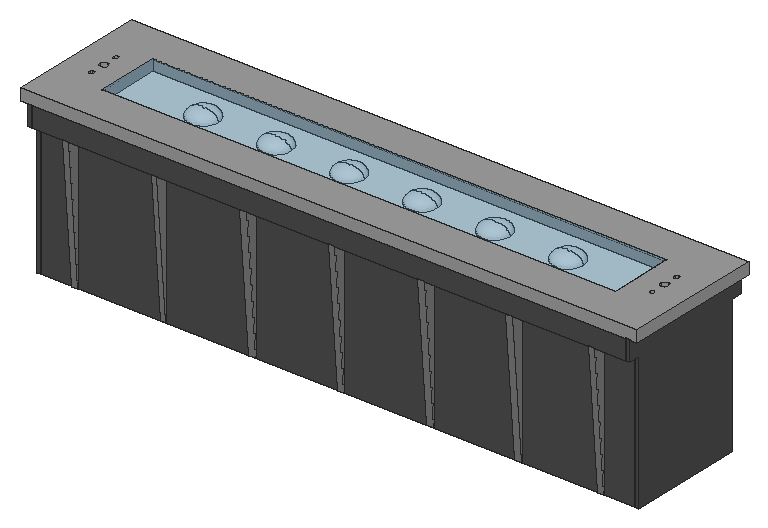
Revit family "POOL LINEAL 18W SIMETRICA_U2418W.1.30", category Luminarias, Revit 2019
Family settings
  Cota de conector redondo = Diámetro de uso
  Tipo de pieza = Normal
  Se basa en plano de trabajo = Sí
  Siempre vertical = No
  Corte con vacíos al cargar = No
  Origen de luz = Sí
  Compartido = No
  Punto de cálculo de habitación = No
Parameters (values of type "SUB_U2418W.1.30")
  Ángulo de inclinación = 60.00°
  Zone [instance] = ""
  Watt per fixture = 22.8
  Wattage = 22.8 W
  built-in parameter 1150107 = 3000 (stored number, unit not read)
  built-in parameter 1150110 = 1 (stored number, unit not read)
  built-in parameter 1150109 = 1 (stored number, unit not read)
  built-in parameter 1150112 = 1 (stored number, unit not read)
  built-in parameter 1150113 = 1 (stored number, unit not read)
  built-in parameter 1114218 = 1 (stored number, unit not read)
  Keynote = ""
  built-in parameter 1150137 = (empty or 0)
  built-in parameter 1150132 = (empty or 0)
  Modelo = "U2418W.1.30"
  Lámpara = "NICHIA"
  built-in parameter 1150105 = 87.688 (stored number, unit not read)
  built-in parameter 1150102 = (empty or 0)
  built-in parameter 1150106 = 0.87688 (stored number, unit not read)
  Lumens = 1101.92 lm
  Color Filter = 16777215
  built-in parameter 1114217 = 1 (stored number, unit not read)
  built-in parameter 1150139 = (empty or 0)
  Fabricante = "BRILLANT"
  Default Elevation = 0 mm
  built-in parameter 1150104 = 4.49 (stored number, unit not read)
  Descripción = "LUMINARIA SUB ACUATICA TIPO LINEAL OPTICA SIMETRICA, ACABADO EN ACERO INOXIDABLE, SELLO EN SILICON Y CUPERO MOLDEADO EN CROMO MIDIENDO 355MM DE LARGO POR 90MM CONSIDERANDO EL HOUSING, 6 LED TIPO NICHIA CON UN CONSUMO TOTAL DE 22.8W, 1102 LUMENES,  CON UNA TEMPERATURA EN BLANCO CALIDO DE 3000K, IP 68, IRC 80, IK 10, SUMERGIBLE MAXIMO 2M, CABLE H05RN DE 3M, APERTURA EN STOCK A 30 GRADOS, ALIMENTADA A 24V. REQUIERE ACCESORIOS."
  built-in parameter 1150115 = 1 (stored number, unit not read)
  built-in parameter 1150114 = 1 (stored number, unit not read)
  Comentarios de vataje = "24V"
  built-in parameter 1150138 = (empty or 0)
  built-in parameter 1150134 = (empty or 0)
  Circuit [instance] = ""
  Dimming Lamp Color Temperature Shift = (empty or 0)
  Archivo de red fotométrica = "U2418SW.1.IES"
  built-in parameter 1150133 = 10 (stored number, unit not read)
Reference planes
  plane 1 "Centro (Frontal/Posterior)": y = 0
  plane 2: z = 10
  plane 3 "Centro (Izquierda/Derecha)": x = 0
  plane 4: x = -177.5
  plane 5: x = 177.5
  plane 6: z = 100
  plane 7: y = 40
  plane 8: y = -40
  plane 9: y = 28.5
  plane 10: y = -28.5
  plane 11: x = 158
  plane 12: y = 23.5
  plane 13: y = -23.5
  plane 14: x = -153
  plane 15: x = 153
  plane 16: x = -30
  plane 17: x = 30
  plane 18: x = 33
  plane 19: x = -33
  plane 20: y = 60
  plane 21: y = -60
  plane 22: x = 27
  plane 23: x = -27
  plane 24: x = -102
  plane 25: x = -51
  plane 26: x = 0
  plane 27: x = 51
  plane 28: x = 102
  plane 29: x = 153
  plane 30: x = -148
  plane 31: y = 18.5
  plane 32: y = -18.5
  plane 33: x = 148
  plane 34: x = 105.714
  plane 35: z = 60
  plane 36: y = 34
  plane 37: y = -34
  plane 38: x = 171
  plane 39: x = -171
Forms (mm)
  Extrusion 1, solid, material "Aluminio"
    sketch origin (0, 0, 10) x (1, 0, 0) y (0, 1, 0)
      loop
        line (-177.5, 40) -> (-177.5, -40) -> (177.5, -40) -> (177.5, 40) -> (-177.5, 40)
      loop
        line (-148, 18.5) -> (-148, -18.5) -> (148, -18.5) -> (148, 18.5) -> (-148, 18.5)
    from 90 to 96.429
  Extrusion 2, solid
    sketch origin (0, 30, 10) x (1, 0, 0) y (0, 1, 0)
      loop
        line (-158, -1.5) -> (-158, -58.5) -> (158, -58.5) -> (158, -1.5) -> (-158, -1.5)
    from 50 to 90
  Extrusion 3, solid, material "Cristal"
    sketch origin (0, 0, 10) x (1, 0, 0) y (0, 1, 0)
      loop
        line (-148, 18.5) -> (-148, -18.5) -> (148, -18.5) -> (148, 18.5) -> (-148, 18.5)
    from 96.429 to 95.596
  Revolve 4, solid
    sketch origin (0, 0, 7.872) x (1, 0, 0) y (0, 0, 1)
      loop
        line (105.714, 97.128) -> (105.714, 92.128) -> (114.371, 92.128)
        spline (114.371, 92.128) -> (114.297, 92.781) -> (114.076, 93.422) -> (113.712, 94.042) -> (113.211, 94.628) -> (112.582, 95.172) -> (111.835, 95.664) -> (110.984, 96.095) -> (110.043, 96.458) -> (109.027, 96.748) -> (107.955, 96.958) -> (106.844, 97.085) -> (105.714, 97.128)
      axis (105.714, 92.128) -> (105.714, 97.128)
    angle from 0 to 360
  Revolve 5, solid
    sketch origin (-42, 0, 7.872) x (1, 0, 0) y (0, 0, 1)
      loop
        line (105.714, 97.128) -> (105.714, 92.128) -> (114.371, 92.128)
        spline (114.371, 92.128) -> (114.297, 92.781) -> (114.076, 93.422) -> (113.712, 94.042) -> (113.211, 94.628) -> (112.582, 95.172) -> (111.835, 95.664) -> (110.984, 96.095) -> (110.043, 96.458) -> (109.027, 96.748) -> (107.955, 96.958) -> (106.844, 97.085) -> (105.714, 97.128)
      axis (105.714, 92.128) -> (105.714, 97.128)
    angle from 0 to 360
  Revolve 6, solid
    sketch origin (-84, 0, 7.872) x (1, 0, 0) y (0, 0, 1)
      loop
        line (105.714, 97.128) -> (105.714, 92.128) -> (114.371, 92.128)
        spline (114.371, 92.128) -> (114.297, 92.781) -> (114.076, 93.422) -> (113.712, 94.042) -> (113.211, 94.628) -> (112.582, 95.172) -> (111.835, 95.664) -> (110.984, 96.095) -> (110.043, 96.458) -> (109.027, 96.748) -> (107.955, 96.958) -> (106.844, 97.085) -> (105.714, 97.128)
      axis (105.714, 92.128) -> (105.714, 97.128)
    angle from 0 to 360
  Revolve 7, solid
    sketch origin (-126, 0, 7.872) x (1, 0, 0) y (0, 0, 1)
      loop
        line (105.714, 97.128) -> (105.714, 92.128) -> (114.371, 92.128)
        spline (114.371, 92.128) -> (114.297, 92.781) -> (114.076, 93.422) -> (113.712, 94.042) -> (113.211, 94.628) -> (112.582, 95.172) -> (111.835, 95.664) -> (110.984, 96.095) -> (110.043, 96.458) -> (109.027, 96.748) -> (107.955, 96.958) -> (106.844, 97.085) -> (105.714, 97.128)
      axis (105.714, 92.128) -> (105.714, 97.128)
    angle from 0 to 360
  Revolve 8, solid
    sketch origin (-168, 0, 7.872) x (1, 0, 0) y (0, 0, 1)
      loop
        line (105.714, 97.128) -> (105.714, 92.128) -> (114.371, 92.128)
        spline (114.371, 92.128) -> (114.297, 92.781) -> (114.076, 93.422) -> (113.712, 94.042) -> (113.211, 94.628) -> (112.582, 95.172) -> (111.835, 95.664) -> (110.984, 96.095) -> (110.043, 96.458) -> (109.027, 96.748) -> (107.955, 96.958) -> (106.844, 97.085) -> (105.714, 97.128)
      axis (105.714, 92.128) -> (105.714, 97.128)
    angle from 0 to 360
  Revolve 9, solid
    sketch origin (-210, 0, 7.872) x (1, 0, 0) y (0, 0, 1)
      loop
        line (105.714, 97.128) -> (105.714, 92.128) -> (114.371, 92.128)
        spline (114.371, 92.128) -> (114.297, 92.781) -> (114.076, 93.422) -> (113.712, 94.042) -> (113.211, 94.628) -> (112.582, 95.172) -> (111.835, 95.664) -> (110.984, 96.095) -> (110.043, 96.458) -> (109.027, 96.748) -> (107.955, 96.958) -> (106.844, 97.085) -> (105.714, 97.128)
      axis (105.714, 92.128) -> (105.714, 97.128)
    angle from 0 to 360
  Extrusion 10, solid
    sketch origin (-2.489, 0, 10) x (1, 0, 0) y (0, 1, 0)
      loop
        circle (-102, 0) r 7.477
    from 44.739 to 50
  Extrusion 11, solid
    sketch origin (-2.489, 0, 10) x (1, 0, 0) y (0, 1, 0)
      loop
        line (-102, 7.477) -> (-108.476, 3.739) -> (-108.476, -3.739) -> (-102, -7.477) -> (-95.524, -3.739) -> (-95.524, 3.739) -> (-102, 7.477)
    from 39.626 to 44.739
  Extrusion 12, solid
    sketch origin (-2.489, 0, 10) x (1, 0, 0) y (0, 1, 0)
      loop
        circle (-102, 0) r 6.476
    from 29.65 to 39.626
  Extrusion 13, solid, material "Default Wall"
    sketch origin (0, 0, 4.156) x (0, 1, 0) y (0, 0, 1)
      loop
        line (-40, 84.128) -> (-33.5, 5.844) -> (-33.5, 84.128) -> (-40, 84.128)
      loop
        line (40, 84.128) -> (33.5, 84.128) -> (33.5, 5.844) -> (40, 84.128)
    from -153 to -149.64
  Extrusion 14, solid, material "Default Wall"
    sketch origin (0, 0, 4.156) x (0, 1, 0) y (0, 0, 1)
      loop
        line (-33.5, 84.128) -> (-40, 84.128) -> (-33.5, 5.844) -> (-33.5, 84.128)
      loop
        line (40, 84.128) -> (33.5, 84.128) -> (33.5, 5.844) -> (40, 84.128)
    from 102 to 106.134
  Extrusion 15, solid, material "Default Wall"
    sketch origin (0, 0, 4.156) x (0, 1, 0) y (0, 0, 1)
      loop
        line (-33.5, 84.128) -> (-40, 84.128) -> (-33.5, 5.844) -> (-33.5, 84.128)
      loop
        line (40, 84.128) -> (33.5, 84.128) -> (33.5, 5.844) -> (40, 84.128)
    from 51 to 55.205
  Extrusion 16, solid, material "Default Wall"
    sketch origin (0, 0, 4.156) x (0, 1, 0) y (0, 0, 1)
      loop
        line (-33.5, 84.128) -> (-40, 84.128) -> (-33.5, 5.844) -> (-33.5, 84.128)
      loop
        line (40, 84.128) -> (33.5, 84.128) -> (33.5, 5.844) -> (40, 84.128)
    from 0 to 3.249
  Extrusion 17, solid, material "Default Wall"
    sketch origin (0, 0, 4.156) x (0, 1, 0) y (0, 0, 1)
      loop
        line (-33.5, 84.128) -> (-40, 84.128) -> (-33.5, 5.844) -> (-33.5, 84.128)
      loop
        line (40, 84.128) -> (33.5, 84.128) -> (33.5, 5.844) -> (40, 84.128)
    from -51 to -47.362
  Extrusion 18, solid, material "Default Wall"
    sketch origin (0, 0, 4.156) x (0, 1, 0) y (0, 0, 1)
      loop
        line (-33.5, 84.128) -> (-40, 84.128) -> (-33.5, 5.844) -> (-33.5, 84.128)
      loop
        line (40, 84.128) -> (33.5, 84.128) -> (33.5, 5.844) -> (40, 84.128)
    from -102 to -98.888
  Extrusion 19, solid, material "Default Wall"
    sketch origin (0, 0, 4.156) x (0, 1, 0) y (0, 0, 1)
      loop
        line (-33.5, 84.128) -> (-40, 84.128) -> (-33.5, 5.844) -> (-33.5, 84.128)
      loop
        line (40, 84.128) -> (33.5, 84.128) -> (33.5, 5.844) -> (40, 84.128)
    from 149.634 to 153
  Extrusion 20, solid, material "Plastico"
    sketch origin (0, 0, 0) x (0, 1, 0) y (0, 0, 1)
      loop
        line (40, 100) -> (35, 100) -> (35, 93.285) -> (28.5, 93.285) -> (28.5, 15) -> (-28.5, 15) -> (-28.5, 93.285) -> (-35, 93.285) -> (-35, 100) -> (-40, 100) -> (-40, 88.285) -> (-33.5, 88.285) -> (-33.5, 10) -> (33.5, 10) -> (33.5, 88.285) -> (40, 88.285) -> (40, 100)
    from -171 to 171
  Extrusion 21, solid, material "Plastico"
    sketch origin (0, 0, 0) x (0, 1, 0) y (0, 0, 1)
      loop
        line (40, 100) -> (-40, 100) -> (-40, 88.285) -> (-33.5, 88.285) -> (-33.5, 10) -> (33.5, 10) -> (33.5, 88.285) -> (40, 88.285) -> (40, 100)
    from 171 to 173.269
  Extrusion 22, solid, material "Plastico"
    sketch origin (0, 0, 0) x (0, 1, 0) y (0, 0, -1)
      loop
        line (40, -100) -> (40, -88.285) -> (33.5, -88.285) -> (33.5, -10) -> (-33.5, -10) -> (-33.5, -88.285) -> (-40, -88.285) -> (-40, -100) -> (40, -100)
    from 171 to 173.269
  Extrusion 23, void
    sketch origin (0, 0, 10) x (1, 0, 0) y (0, 1, 0)
      loop
        circle (161.268, 0) r 2.268
      loop
        circle (161.268, 8.763) r 1.343
      loop
        circle (161.268, -8.763) r 1.343
      loop
        circle (-161.268, 0) r 2.268
      loop
        circle (-161.268, 8.763) r 1.343
      loop
        circle (-161.268, -8.763) r 1.343
    from 90 to 96.429
Cuts and joins
  Extrusion 23 cuts Extrusion 20
  Extrusion 23 cuts Extrusion 1
Dimensions and locks
  equal spacing: plane 4, plane 3 "Centro (Izquierda/Derecha)", plane 5
  plane 4 to plane 5 = 355 mm  (x2)
  plane 4 to plane 3 "Centro (Izquierda/Derecha)" = 177.5 mm
  plane 6 to plane 2 = 90 mm
  plane 7 to plane 1 "Centro (Frontal/Posterior)" = 40 mm
  equal spacing: plane 7, plane 1 "Centro (Frontal/Posterior)", plane 8
  plane 7 to plane 8 = 80 mm
  plane 7 to plane 9 = 11.5 mm
  plane 10 to plane 8 = 11.5 mm
  plane 11 to plane 5 = 19.5 mm
  plane 6 to level = 90 mm
  plane 9 to plane 12 = 5 mm
  plane 13 to plane 10 = 5 mm
  plane 15 to plane 11 = 5 mm
  plane 16 to plane 3 "Centro (Izquierda/Derecha)" = 30 mm
  plane 19 to plane 16 = 3 mm
  plane 3 "Centro (Izquierda/Derecha)" to plane 17 = 30 mm
  plane 17 to plane 18 = 3 mm
  equal spacing: plane 20, plane 1 "Centro (Frontal/Posterior)", plane 21
  plane 1 "Centro (Frontal/Posterior)" to plane 20 = 60 mm
  plane 20 to plane 21 = 120 mm
  plane 16 to plane 23 = 3 mm
  plane 22 to plane 17 = 3 mm
  plane 29 to plane 28 to plane 27 to plane 26 to plane 25 to plane 24 to plane 14 = 51 mm, 51 mm, 51 mm, 51 mm, 51 mm, 51 mm
  Extrusion 1 to plane 30 = 29.5 mm
  Extrusion 1 to plane 32 = 21.5 mm
  Extrusion 1 to plane 31 = 21.5 mm
  plane 33 to Extrusion 1 = 29.5 mm
  plane 33 to plane 30 = 296 mm
  plane 33 to plane 34 = 42.286 mm
  plane 5 to plane 4 = 355 mm
  equal spacing: plane 5, plane 26, plane 4
  plane 26 to plane 4 = 177.5 mm
  plane 1 "Centro (Frontal/Posterior)" to plane 7 = 40 mm
  equal spacing: plane 8, plane 1 "Centro (Frontal/Posterior)", plane 7
  plane 8 to plane 7 = 80 mm
  plane 6 to plane 35 = 40 mm
  equal spacing: plane 36, plane 1 "Centro (Frontal/Posterior)", plane 37
  plane 36 to plane 1 "Centro (Frontal/Posterior)" = 34 mm
  plane 36 to plane 37 = 68 mm
  plane 39 to plane 3 "Centro (Izquierda/Derecha)" = 171 mm
  equal spacing: plane 39, plane 3 "Centro (Izquierda/Derecha)", plane 38
  plane 39 to plane 38 = 342 mm
  aligned and locked: level to plane 2
  aligned and locked: Extrusion 2 to plane 9
  aligned and locked: plane 10 to Extrusion 2
  aligned and locked: plane 11 to Extrusion 2
  aligned and locked: Extrusion 1 sketch curve to plane 33
  aligned and locked: Extrusion 1 sketch curve to Extrusion 3  (x2)
  aligned and locked: plane 30 to Extrusion 1 sketch curve
  aligned and locked: Extrusion 1 to Extrusion 3
  aligned and locked: Extrusion 2 to plane 35
  aligned and locked: Extrusion 10 to Extrusion 2
  aligned and locked: plane 38 to Extrusion 20
  aligned and locked: Extrusion 20 to plane 39
  aligned and locked: Extrusion 1 to plane 4
  aligned and locked: plane 5 to Extrusion 1
  aligned and locked: Extrusion 1 to Extrusion 23
Automatic sketch dimensions
  Extrusion 1 sketch curve to plane 4 = 0 mm
  Extrusion 1 sketch curve to plane 5 = 0 mm
  plane 8 to Extrusion 1 sketch curve = 0 mm
  plane 7 to Extrusion 1 sketch curve = 0 mm
  plane 10 to Extrusion 2 sketch curve = 0 mm
  plane 9 to Extrusion 2 sketch curve = 0 mm
  Extrusion 2 sketch curve to plane 11 = 0 mm
  Extrusion 2 sketch curve to plane 14 = 5 mm
  Extrusion 3 sketch curve to plane 30 = 0 mm
  plane 32 to Extrusion 3 sketch curve = 0 mm
  Extrusion 3 sketch curve to plane 33 = 0 mm
  Extrusion 3 sketch curve to plane 31 = 0 mm
  Revolve 4 sketch curve to plane 6 = 0 mm  (x2)
  Revolve 4 sketch curve to plane 34 = 0 mm  (x2)
  Revolve 4 sketch curve to Revolve 4 sketch curve = 5 mm
  Revolve 4 sketch curve to plane 28 = 4.942 mm
  Revolve 4 sketch curve to Revolve 4 sketch curve = 0 mm
  Revolve 4 sketch curve to Revolve 4 sketch curve = 16.888 mm
  Revolve 5 sketch curve to plane 6 = 0 mm  (x2)
  plane 6 to Revolve 5 sketch curve = 5 mm
  plane 27 to Revolve 5 sketch curve = 12.714 mm
  Revolve 5 sketch curve to Revolve 5 sketch curve = 0 mm  (x2)
  plane 27 to Revolve 5 sketch curve = 4.058 mm
  Revolve 5 sketch curve to Revolve 5 sketch curve = 16.888 mm
  Revolve 6 sketch curve to plane 6 = 0 mm  (x2)
  Revolve 6 sketch curve to plane 22 = 5.286 mm
  plane 6 to Revolve 6 sketch curve = 5 mm
  Revolve 6 sketch curve to Revolve 6 sketch curve = 0 mm  (x2)
  Revolve 6 sketch curve to Revolve 6 sketch curve = 8.657 mm
  Revolve 6 sketch curve to Revolve 6 sketch curve = 16.888 mm
  Revolve 7 sketch curve to plane 6 = 0 mm  (x2)
  plane 23 to Revolve 7 sketch curve = 6.714 mm
  plane 6 to Revolve 7 sketch curve = 5 mm
  Revolve 7 sketch curve to Revolve 7 sketch curve = 0 mm  (x2)
  plane 16 to Revolve 7 sketch curve = 1.058 mm
  Revolve 7 sketch curve to Revolve 7 sketch curve = 16.888 mm
  Revolve 8 sketch curve to plane 6 = 0 mm  (x2)
  plane 6 to Revolve 8 sketch curve = 5 mm
  Revolve 8 sketch curve to plane 25 = 11.286 mm
  Revolve 8 sketch curve to Revolve 8 sketch curve = 0 mm  (x2)
  Revolve 8 sketch curve to Revolve 8 sketch curve = 8.657 mm
  Revolve 8 sketch curve to Revolve 8 sketch curve = 16.888 mm
  Revolve 9 sketch curve to plane 6 = 0 mm  (x2)
  Revolve 9 sketch curve to plane 24 = 2.286 mm
  plane 6 to Revolve 9 sketch curve = 5 mm
  Revolve 9 sketch curve to Revolve 9 sketch curve = 0 mm  (x2)
  Revolve 9 sketch curve to Revolve 9 sketch curve = 8.657 mm
  Revolve 9 sketch curve to Revolve 9 sketch curve = 16.888 mm
  plane 1 "Centro (Frontal/Posterior)" to Extrusion 10 sketch curve = 0 mm
  Extrusion 10 sketch curve to plane 24 = 2.489 mm
  plane 1 "Centro (Frontal/Posterior)" to Extrusion 12 sketch curve = 0 mm
  Extrusion 12 sketch curve to plane 24 = 2.489 mm
  Extrusion 20 sketch curve to plane 8 = 0 mm
  Extrusion 20 sketch curve to plane 6 = 0 mm  (x2)
  Extrusion 20 sketch curve to level = 0 mm
  Extrusion 20 sketch curve to plane 10 = 0 mm
  Extrusion 20 sketch curve to plane 9 = 0 mm
  Extrusion 20 sketch curve to plane 7 = 0 mm
  plane 37 to Extrusion 20 sketch curve = 1 mm
  Extrusion 20 sketch curve to plane 37 = 0.5 mm
  plane 36 to Extrusion 20 sketch curve = 0.5 mm
  Extrusion 20 sketch curve to plane 36 = 1 mm
  level to Extrusion 20 sketch curve = 5 mm
  Extrusion 20 sketch curve to plane 6 = 11.715 mm
  Extrusion 20 sketch curve to Extrusion 20 sketch curve = 11.715 mm
  Extrusion 20 sketch curve to plane 6 = 6.715 mm  (x2)
  Extrusion 21 sketch curve to plane 6 = 0 mm
  Extrusion 21 sketch curve to plane 8 = 0 mm
  Extrusion 21 sketch curve to level = 0 mm
  Extrusion 21 sketch curve to plane 7 = 0 mm
  Extrusion 21 sketch curve to plane 37 = 0.5 mm
  plane 36 to Extrusion 21 sketch curve = 0.5 mm
  Extrusion 21 sketch curve to plane 6 = 11.715 mm  (x2)
  Extrusion 22 sketch curve to plane 6 = 0 mm
  Extrusion 22 sketch curve to plane 8 = 0 mm
  Extrusion 22 sketch curve to level = 0 mm
  Extrusion 22 sketch curve to plane 7 = 0 mm
  Extrusion 22 sketch curve to plane 37 = 0.5 mm
  plane 36 to Extrusion 22 sketch curve = 0.5 mm
  Extrusion 22 sketch curve to plane 6 = 11.715 mm  (x2)
  Extrusion 13 sketch curve to plane 8 = 0 mm
  Extrusion 13 sketch curve to level = 0 mm  (x2)
  Extrusion 13 sketch curve to plane 7 = 0 mm
  Extrusion 13 sketch curve to plane 37 = 0.5 mm
  plane 36 to Extrusion 13 sketch curve = 0.5 mm
  Extrusion 13 sketch curve to plane 6 = 11.715 mm  (x2)
  Extrusion 18 sketch curve to plane 8 = 0 mm
  Extrusion 18 sketch curve to level = 0 mm  (x2)
  Extrusion 18 sketch curve to plane 7 = 0 mm
  Extrusion 18 sketch curve to plane 37 = 0.5 mm
  plane 36 to Extrusion 18 sketch curve = 0.5 mm
  Extrusion 18 sketch curve to plane 6 = 11.715 mm  (x2)
  Extrusion 17 sketch curve to plane 32 = 21.5 mm
  plane 1 "Centro (Frontal/Posterior)" to Extrusion 17 sketch curve = 33.5 mm
  Extrusion 17 sketch curve to plane 20 = 26.5 mm
  Extrusion 17 sketch curve to Extrusion 17 sketch curve = 6.5 mm
  Extrusion 17 sketch curve to plane 35 = 50 mm  (x2)
  Extrusion 17 sketch curve to plane 6 = 11.715 mm  (x2)
  Extrusion 16 sketch curve to level = 0 mm  (x2)
  plane 7 to Extrusion 16 sketch curve = 6.5 mm
  plane 10 to Extrusion 16 sketch curve = 5 mm
  plane 37 to Extrusion 16 sketch curve = 6 mm
  Extrusion 16 sketch curve to plane 7 = 0 mm
  Extrusion 16 sketch curve to plane 6 = 11.715 mm  (x2)
  Extrusion 15 sketch curve to level = 0 mm  (x2)
  plane 7 to Extrusion 15 sketch curve = 6.5 mm
  plane 10 to Extrusion 15 sketch curve = 5 mm
  plane 37 to Extrusion 15 sketch curve = 6 mm
  Extrusion 15 sketch curve to plane 7 = 0 mm
  Extrusion 15 sketch curve to plane 6 = 11.715 mm  (x2)
  Extrusion 14 sketch curve to level = 0 mm  (x2)
  plane 7 to Extrusion 14 sketch curve = 6.5 mm
  plane 10 to Extrusion 14 sketch curve = 5 mm
  plane 37 to Extrusion 14 sketch curve = 6 mm
  Extrusion 14 sketch curve to plane 7 = 0 mm
  Extrusion 14 sketch curve to plane 6 = 11.715 mm  (x2)
  Extrusion 19 sketch curve to level = 0 mm  (x2)
  plane 7 to Extrusion 19 sketch curve = 6.5 mm
  plane 10 to Extrusion 19 sketch curve = 5 mm
  plane 37 to Extrusion 19 sketch curve = 6 mm
  Extrusion 19 sketch curve to plane 7 = 0 mm
  Extrusion 19 sketch curve to plane 6 = 11.715 mm  (x2)
  plane 1 "Centro (Frontal/Posterior)" to Extrusion 23 sketch curve = 0 mm  (x2)
  Extrusion 23 sketch curve to plane 14 = 8.268 mm  (x3)
  plane 11 to Extrusion 23 sketch curve = 3.268 mm  (x3)
  plane 1 "Centro (Frontal/Posterior)" to Extrusion 23 sketch curve = 8.763 mm  (x2)
  Extrusion 23 sketch curve to plane 1 "Centro (Frontal/Posterior)" = 8.763 mm  (x2)
  radius of Extrusion 10 sketch curve = 7.477 mm
  radius of Extrusion 12 sketch curve = 6.476 mm
  radius of Extrusion 23 sketch curve = 2.268 mm  (x2)
  radius of Extrusion 23 sketch curve = 1.343 mm  (x4)
Connectors
  electrical at (0, 0, 10)
    settings: on cut or joined group of Extrusion 20, Extrusion 23, index 1, voltage 24 V, apparent load 0 VA, apparent load phase1 0 VA, apparent load phase2 0 VA, apparent load phase3 0 VA, power factor 1, load classification "Otro", number of poles 1, system type 31, power factor state 1, is connector primary yes, connector utility no, sub classification motor no, connector description ""
